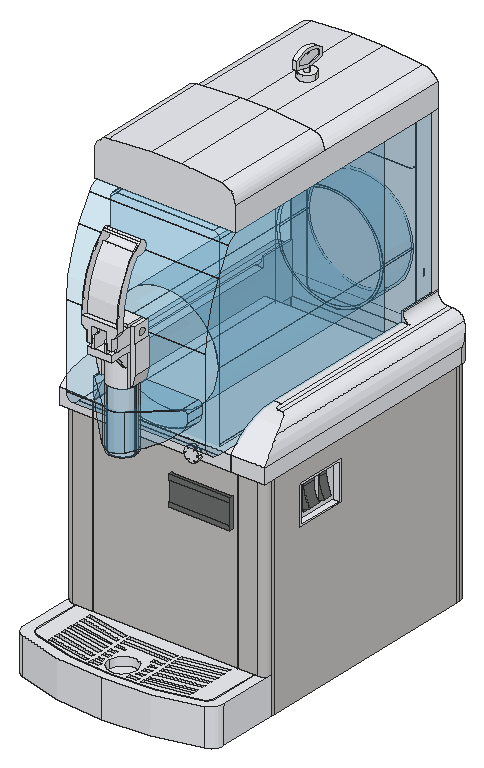
Revit family "QF_ELECTROLUXPROFESSIONAL_560104_SP1NewUVUK", category Specialty Equipment, Revit 2018 (continued)
Lines and regions (mm)
  Split face 68
    outline origin (-128, -90, 0) x (0, -1, 0) y (0, 0, -1)
      loop
        line (-30.859, -262.213) -> (-104.859, -262.213) -> (-100.359, -270.213) -> (-35.359, -270.213) -> (-30.859, -262.213)
  Split face 69
    outline origin (-128, -90, 0) x (0, -1, 0) y (0, 0, -1)
      loop
        line (-30.859, -252.213) -> (-104.859, -252.213) -> (-100.359, -260.213) -> (-35.359, -260.213) -> (-30.859, -252.213)
  Split face 70
    outline origin (-128, -90, 0) x (0, -1, 0) y (0, 0, -1)
      loop
        line (-30.859, -242.213) -> (-104.859, -242.213) -> (-100.359, -250.213) -> (-35.359, -250.213) -> (-30.859, -242.213)
  Split face 71
    outline origin (-128, -90, -20) x (0, -1, 0) y (0, 0, -1)
      loop
        line (-30.859, -252.213) -> (-104.859, -252.213) -> (-100.359, -260.213) -> (-35.359, -260.213) -> (-30.859, -252.213)
  Split face 72
    outline origin (-128, -90, -20) x (0, -1, 0) y (0, 0, -1)
      loop
        line (-30.859, -242.213) -> (-104.859, -242.213) -> (-100.359, -250.213) -> (-35.359, -250.213) -> (-30.859, -242.213)
  Split face 73
    outline origin (-128, -90, -40) x (0, -1, 0) y (0, 0, -1)
      loop
        line (-30.859, -252.213) -> (-104.859, -252.213) -> (-100.359, -260.213) -> (-35.359, -260.213) -> (-30.859, -252.213)
  Split face 74
    outline origin (-128, -90, -40) x (0, -1, 0) y (0, 0, -1)
      loop
        line (-30.859, -242.213) -> (-104.859, -242.213) -> (-100.359, -250.213) -> (-35.359, -250.213) -> (-30.859, -242.213)
  Split face 75
    outline origin (-128, -90, -60) x (0, -1, 0) y (0, 0, -1)
      loop
        line (-30.859, -252.213) -> (-104.859, -252.213) -> (-100.359, -260.213) -> (-35.359, -260.213) -> (-30.859, -252.213)
  Split face 76
    outline origin (-128, -90, -60) x (0, -1, 0) y (0, 0, -1)
      loop
        line (-30.859, -242.213) -> (-104.859, -242.213) -> (-100.359, -250.213) -> (-35.359, -250.213) -> (-30.859, -242.213)
  Split face 77
    outline origin (-128, -90, -80) x (0, -1, 0) y (0, 0, -1)
      loop
        line (-30.859, -252.213) -> (-104.859, -252.213) -> (-100.359, -260.213) -> (-35.359, -260.213) -> (-30.859, -252.213)
  Split face 78
    outline origin (-128, -90, -80) x (0, -1, 0) y (0, 0, -1)
      loop
        line (-30.859, -242.213) -> (-104.859, -242.213) -> (-100.359, -250.213) -> (-35.359, -250.213) -> (-30.859, -242.213)
  Split face 79
    outline origin (-128, -90, -100) x (0, -1, 0) y (0, 0, -1)
      loop
        line (-30.859, -252.213) -> (-104.859, -252.213) -> (-100.359, -260.213) -> (-35.359, -260.213) -> (-30.859, -252.213)
  Split face 80
    outline origin (-128, -90, -100) x (0, -1, 0) y (0, 0, -1)
      loop
        line (-30.859, -242.213) -> (-104.859, -242.213) -> (-100.359, -250.213) -> (-35.359, -250.213) -> (-30.859, -242.213)
  Split face 81
    outline origin (-128, -90, -120) x (0, -1, 0) y (0, 0, -1)
      loop
        line (-30.859, -252.213) -> (-104.859, -252.213) -> (-100.359, -260.213) -> (-35.359, -260.213) -> (-30.859, -252.213)
  Split face 82
    outline origin (-128, -90, -120) x (0, -1, 0) y (0, 0, -1)
      loop
        line (-30.859, -242.213) -> (-104.859, -242.213) -> (-100.359, -250.213) -> (-35.359, -250.213) -> (-30.859, -242.213)
  Split face 83
    outline origin (-128, -90, -140) x (0, -1, 0) y (0, 0, -1)
      loop
        line (-30.859, -252.213) -> (-104.859, -252.213) -> (-100.359, -260.213) -> (-35.359, -260.213) -> (-30.859, -252.213)
  Split face 84
    outline origin (-128, -90, -140) x (0, -1, 0) y (0, 0, -1)
      loop
        line (-30.859, -242.213) -> (-104.859, -242.213) -> (-100.359, -250.213) -> (-35.359, -250.213) -> (-30.859, -242.213)
  Split face 85
    outline origin (-128, -90, -160) x (0, -1, 0) y (0, 0, -1)
      loop
        line (-30.859, -252.213) -> (-104.859, -252.213) -> (-100.359, -260.213) -> (-35.359, -260.213) -> (-30.859, -252.213)
  Split face 86
    outline origin (-128, -90, -160) x (0, -1, 0) y (0, 0, -1)
      loop
        line (-30.859, -242.213) -> (-104.859, -242.213) -> (-100.359, -250.213) -> (-35.359, -250.213) -> (-30.859, -242.213)
  Split face 87
    outline origin (-128, -90, -180) x (0, -1, 0) y (0, 0, -1)
      loop
        line (-30.859, -252.213) -> (-104.859, -252.213) -> (-100.359, -260.213) -> (-35.359, -260.213) -> (-30.859, -252.213)
  Split face 88
    outline origin (-128, -90, -180) x (0, -1, 0) y (0, 0, -1)
      loop
        line (-30.859, -242.213) -> (-104.859, -242.213) -> (-100.359, -250.213) -> (-35.359, -250.213) -> (-30.859, -242.213)
  Split face 89
    outline origin (-128, -90, -200) x (0, -1, 0) y (0, 0, -1)
      loop
        line (-30.859, -252.213) -> (-104.859, -252.213) -> (-100.359, -260.213) -> (-35.359, -260.213) -> (-30.859, -252.213)
  Split face 90
    outline origin (-128, -90, -200) x (0, -1, 0) y (0, 0, -1)
      loop
        line (-30.859, -242.213) -> (-104.859, -242.213) -> (-100.359, -250.213) -> (-35.359, -250.213) -> (-30.859, -242.213)
  Split face 91
    outline origin (-89.958, 209.321, 14) x (1, 0, 0) y (0, 0, -1)
      loop
        line (19.909, -204.404) -> (29.909, -204.404) -> (29.909, -141.98) -> (19.909, -141.98) -> (19.909, -204.404)
  Split face 92
    outline origin (-76.909, 209.321, 14) x (1, 0, 0) y (0, 0, -1)
      loop
        line (19.909, -204.404) -> (29.909, -204.404) -> (29.909, -141.98) -> (19.909, -141.98) -> (19.909, -204.404)
  Split face 93
    outline origin (-63.909, 209.321, 14) x (1, 0, 0) y (0, 0, -1)
      loop
        line (19.909, -204.404) -> (29.909, -204.404) -> (29.909, -141.98) -> (19.909, -141.98) -> (19.909, -204.404)
  Split face 94
    outline origin (-50.909, 209.321, 14) x (1, 0, 0) y (0, 0, -1)
      loop
        line (19.909, -204.404) -> (29.909, -204.404) -> (29.909, -141.98) -> (19.909, -141.98) -> (19.909, -204.404)
  Split face 95
    outline origin (-37.909, 209.321, 14) x (1, 0, 0) y (0, 0, -1)
      loop
        line (19.909, -204.404) -> (29.909, -204.404) -> (29.909, -141.98) -> (19.909, -141.98) -> (19.909, -204.404)
  Split face 96
    outline origin (-24.909, 209.321, 14) x (1, 0, 0) y (0, 0, -1)
      loop
        line (19.909, -204.404) -> (29.909, -204.404) -> (29.909, -141.98) -> (19.909, -141.98) -> (19.909, -204.404)
  Split face 97
    outline origin (89.958, 209.321, 14) x (-1, 0, 0) y (0, 0, 1)
      loop
        line (19.909, 204.404) -> (19.909, 141.98) -> (29.909, 141.98) -> (29.909, 204.404) -> (19.909, 204.404)
  Split face 98
    outline origin (76.909, 209.321, 14) x (-1, 0, 0) y (0, 0, 1)
      loop
        line (19.909, 204.404) -> (19.909, 141.98) -> (29.909, 141.98) -> (29.909, 204.404) -> (19.909, 204.404)
  Split face 99
    outline origin (63.909, 209.321, 14) x (-1, 0, 0) y (0, 0, 1)
      loop
        line (19.909, 204.404) -> (19.909, 141.98) -> (29.909, 141.98) -> (29.909, 204.404) -> (19.909, 204.404)
  Split face 100
    outline origin (50.909, 209.321, 14) x (-1, 0, 0) y (0, 0, 1)
      loop
        line (19.909, 204.404) -> (19.909, 141.98) -> (29.909, 141.98) -> (29.909, 204.404) -> (19.909, 204.404)
  Split face 101
    outline origin (37.909, 209.321, 14) x (-1, 0, 0) y (0, 0, 1)
      loop
        line (19.909, 204.404) -> (19.909, 141.98) -> (29.909, 141.98) -> (29.909, 204.404) -> (19.909, 204.404)
  Split face 102
    outline origin (-89.958, 209.321, -53) x (1, 0, 0) y (0, 0, -1)
      loop
        line (19.909, -204.404) -> (29.909, -204.404) -> (29.909, -141.98) -> (19.909, -141.98) -> (19.909, -204.404)
  Split face 103
    outline origin (-76.909, 209.321, -53) x (1, 0, 0) y (0, 0, -1)
      loop
        line (19.909, -204.404) -> (29.909, -204.404) -> (29.909, -141.98) -> (19.909, -141.98) -> (19.909, -204.404)
  Split face 104
    outline origin (-63.909, 209.321, -53) x (1, 0, 0) y (0, 0, -1)
      loop
        line (19.909, -204.404) -> (29.909, -204.404) -> (29.909, -141.98) -> (19.909, -141.98) -> (19.909, -204.404)
  Split face 105
    outline origin (-50.909, 209.321, -53) x (1, 0, 0) y (0, 0, -1)
      loop
        line (19.909, -204.404) -> (29.909, -204.404) -> (29.909, -141.98) -> (19.909, -141.98) -> (19.909, -204.404)
  Split face 106
    outline origin (-37.909, 209.321, -53) x (1, 0, 0) y (0, 0, -1)
      loop
        line (19.909, -204.404) -> (29.909, -204.404) -> (29.909, -141.98) -> (19.909, -141.98) -> (19.909, -204.404)
  Split face 107
    outline origin (-24.909, 209.321, -53) x (1, 0, 0) y (0, 0, -1)
      loop
        line (19.909, -204.404) -> (29.909, -204.404) -> (29.909, -141.98) -> (19.909, -141.98) -> (19.909, -204.404)
  Split face 108
    outline origin (89.958, 209.321, -53) x (-1, 0, 0) y (0, 0, 1)
      loop
        line (19.909, 204.404) -> (19.909, 141.98) -> (29.909, 141.98) -> (29.909, 204.404) -> (19.909, 204.404)
  Split face 109
    outline origin (76.909, 209.321, -53) x (-1, 0, 0) y (0, 0, 1)
      loop
        line (19.909, 204.404) -> (19.909, 141.98) -> (29.909, 141.98) -> (29.909, 204.404) -> (19.909, 204.404)
  Split face 110
    outline origin (63.909, 209.321, -53) x (-1, 0, 0) y (0, 0, 1)
      loop
        line (19.909, 204.404) -> (19.909, 141.98) -> (29.909, 141.98) -> (29.909, 204.404) -> (19.909, 204.404)
  Split face 111
    outline origin (50.909, 209.321, -53) x (-1, 0, 0) y (0, 0, 1)
      loop
        line (19.909, 204.404) -> (19.909, 141.98) -> (29.909, 141.98) -> (29.909, 204.404) -> (19.909, 204.404)
  Split face 112
    outline origin (37.909, 209.321, -53) x (-1, 0, 0) y (0, 0, 1)
      loop
        line (19.909, 204.404) -> (19.909, 141.98) -> (29.909, 141.98) -> (29.909, 204.404) -> (19.909, 204.404)
  Split face 113
    outline origin (-89.958, 209.321, -120) x (1, 0, 0) y (0, 0, -1)
      loop
        line (19.909, -204.404) -> (29.909, -204.404) -> (29.909, -141.98) -> (19.909, -141.98) -> (19.909, -204.404)
  Split face 114
    outline origin (-76.909, 209.321, -120) x (1, 0, 0) y (0, 0, -1)
      loop
        line (19.909, -204.404) -> (29.909, -204.404) -> (29.909, -141.98) -> (19.909, -141.98) -> (19.909, -204.404)
  Split face 115
    outline origin (-63.909, 209.321, -120) x (1, 0, 0) y (0, 0, -1)
      loop
        line (19.909, -204.404) -> (29.909, -204.404) -> (29.909, -141.98) -> (19.909, -141.98) -> (19.909, -204.404)
  Split face 116
    outline origin (-50.909, 209.321, -120) x (1, 0, 0) y (0, 0, -1)
      loop
        line (19.909, -204.404) -> (29.909, -204.404) -> (29.909, -141.98) -> (19.909, -141.98) -> (19.909, -204.404)
  Split face 117
    outline origin (-37.909, 209.321, -120) x (1, 0, 0) y (0, 0, -1)
      loop
        line (19.909, -204.404) -> (29.909, -204.404) -> (29.909, -141.98) -> (19.909, -141.98) -> (19.909, -204.404)
  Split face 118
    outline origin (-24.909, 209.321, -120) x (1, 0, 0) y (0, 0, -1)
      loop
        line (19.909, -204.404) -> (29.909, -204.404) -> (29.909, -141.98) -> (19.909, -141.98) -> (19.909, -204.404)
  Split face 119
    outline origin (89.958, 209.321, -120) x (-1, 0, 0) y (0, 0, 1)
      loop
        line (19.909, 204.404) -> (19.909, 141.98) -> (29.909, 141.98) -> (29.909, 204.404) -> (19.909, 204.404)
  Split face 120
    outline origin (76.909, 209.321, -120) x (-1, 0, 0) y (0, 0, 1)
      loop
        line (19.909, 204.404) -> (19.909, 141.98) -> (29.909, 141.98) -> (29.909, 204.404) -> (19.909, 204.404)
  Split face 121
    outline origin (63.909, 209.321, -120) x (-1, 0, 0) y (0, 0, 1)
      loop
        line (19.909, 204.404) -> (19.909, 141.98) -> (29.909, 141.98) -> (29.909, 204.404) -> (19.909, 204.404)
  Split face 122
    outline origin (50.909, 209.321, -120) x (-1, 0, 0) y (0, 0, 1)
      loop
        line (19.909, 204.404) -> (19.909, 141.98) -> (29.909, 141.98) -> (29.909, 204.404) -> (19.909, 204.404)
  Split face 123
    outline origin (37.909, 209.321, -120) x (-1, 0, 0) y (0, 0, 1)
      loop
        line (19.909, 204.404) -> (19.909, 141.98) -> (29.909, 141.98) -> (29.909, 204.404) -> (19.909, 204.404)
  symbolic lines
    curve 1: arc (-116.528, -193.147, 14) -> (-69.509, -206.233, 14) -> (-21.031, -211.892, 14) r 314.7
    curve 2: arc (-128, -176.764, 14) -> (-124.847, -186.764, 14) -> (-116.528, -193.147, 14) r 17.434
    curve 3: line (-128, -108.594, 14) -> (-128, -176.764, 14)
    curve 4: line (-114, -115.977, 14) -> (-114, -172.813, 14)
    curve 5: arc (-114, -172.813, 14) -> (-111.75, -179.808, 14) -> (-105.843, -184.18, 14) r 12
    curve 6: arc (-105.843, -184.18, 14) -> (-64.978, -194.885, 14) -> (-23.02, -199.796, 14) r 302.7
    curve 7: arc (23.02, -199.796, 14) -> (64.978, -194.885, 14) -> (105.843, -184.18, 14) r 302.7
    curve 8: arc (105.843, -184.18, 14) -> (111.75, -179.808, 14) -> (114, -172.813, 14) r 12
    curve 9: line (114, -172.813, 14) -> (114, -115.977, 14)
    curve 10: arc (116.528, -193.147, 14) -> (124.847, -186.764, 14) -> (128, -176.764, 14) r 17.434
    curve 11: line (128, -176.764, 14) -> (128, -108.495, 14)
    curve 12: arc (-90.277, -183.786, 14) -> (-62.925, -190.182, 14) -> (-35.093, -193.971, 14) r 297.7
    curve 13: line (-35.093, -193.971, 14) -> (-35.093, -188.951, 14)
    curve 14: arc (-35.093, -188.951, 14) -> (-62.934, -185.094, 14) -> (-90.277, -178.584, 14) r 292.7
    curve 15: line (-90.277, -178.584, 14) -> (-90.277, -183.786, 14)
    curve 16: arc (-90.277, -173.786, 14) -> (-62.925, -180.182, 14) -> (-35.093, -183.971, 14) r 297.7
    curve 17: arc (-35.093, -178.951, 14) -> (-62.934, -175.094, 14) -> (-90.277, -168.584, 14) r 292.7
    curve 18: line (-90.277, -168.584, 14) -> (-90.277, -173.786, 14)
    curve 19: line (-35.093, -183.971, 14) -> (-35.093, -178.951, 14)
    curve 20: arc (-90.277, -163.786, 14) -> (-65.353, -169.723, 14) -> (-40.011, -173.495, 14) r 297.7
    curve 21: arc (-45.705, -167.802, 14) -> (-68.17, -164.061, 14) -> (-90.277, -158.584, 14) r 292.7
    curve 22: line (-90.277, -158.584, 14) -> (-90.277, -163.786, 14)
    curve 23: arc (-90.277, -153.786, 14) -> (-70.995, -158.577, 14) -> (-51.436, -162.07, 14) r 297.7
    curve 24: arc (-57.452, -156.07, 14) -> (-65.27, -154.645, 14) -> (-73.045, -153.009, 14) r 292.7
    curve 25: line (-90.277, -148.584, 14) -> (-90.277, -153.786, 14)
    curve 26: arc (-90.277, -143.786, 14) -> (-86.66, -144.789, 14) -> (-83.031, -145.747, 14) r 297.7
    curve 27: arc (-83.031, -140.581, 14) -> (-86.66, -139.606, 14) -> (-90.277, -138.584, 14) r 292.7
    curve 28: line (-90.277, -138.584, 14) -> (-90.277, -143.786, 14)
    curve 29: arc (-90.277, -133.786, 14) -> (-86.66, -134.789, 14) -> (-83.031, -135.747, 14) r 297.7
    curve 30: arc (-83.031, -130.581, 14) -> (-86.66, -129.606, 14) -> (-90.277, -128.584, 14) r 292.7
    curve 31: line (-90.277, -128.584, 14) -> (-90.277, -133.786, 14)
    curve 32: arc (-30.3, -184.288, 14) -> (-29.707, -184.315, 14) -> (-29.113, -184.342, 14) r 649.216
    curve 33: line (-30.3, -183.206, 14) -> (-30.3, -184.288, 14)
    curve 34: arc (-23.968, -189.549, 14) -> (-27.134, -189.423, 14) -> (-30.3, -189.282, 14) r 644.216
    curve 35: line (-30.3, -189.282, 14) -> (-30.3, -194.288, 14)
    curve 36: arc (-30.3, -194.288, 14) -> (-26.66, -194.447, 14) -> (-23.02, -194.587, 14) r 649.216
    curve 37: arc (90.277, -183.786, 14) -> (62.925, -190.182, 14) -> (35.093, -193.971, 14) r 297.7
    curve 38: line (35.093, -193.971, 14) -> (35.093, -188.951, 14)
    curve 39: arc (35.093, -188.951, 14) -> (62.934, -185.094, 14) -> (90.277, -178.584, 14) r 292.7
    curve 40: line (90.277, -178.584, 14) -> (90.277, -183.786, 14)
    curve 41: arc (90.277, -173.786, 14) -> (62.925, -180.182, 14) -> (35.093, -183.971, 14) r 297.7
    curve 42: arc (35.093, -178.951, 14) -> (62.934, -175.094, 14) -> (90.277, -168.584, 14) r 292.7
    curve 43: line (90.277, -168.584, 14) -> (90.277, -173.786, 14)
    curve 44: line (35.093, -183.971, 14) -> (35.093, -178.951, 14)
    curve 45: arc (90.277, -163.786, 14) -> (65.32, -169.73, 14) -> (39.943, -173.502, 14) r 297.7
    curve 46: arc (45.634, -167.811, 14) -> (68.136, -164.068, 14) -> (90.277, -158.584, 14) r 292.7
    curve 47: line (90.277, -158.584, 14) -> (90.277, -163.786, 14)
    curve 48: arc (90.277, -153.786, 14) -> (70.959, -158.584, 14) -> (51.364, -162.081, 14) r 297.7
    curve 49: arc (57.36, -156.085, 14) -> (65.223, -154.654, 14) -> (73.045, -153.009, 14) r 292.7
    curve 50: line (90.277, -148.584, 14) -> (90.277, -153.786, 14)
    curve 51: arc (90.277, -143.786, 14) -> (85.368, -145.136, 14) -> (80.436, -146.402, 14) r 297.7
    curve 52: arc (80.436, -141.248, 14) -> (85.368, -139.959, 14) -> (90.277, -138.584, 14) r 292.7
    curve 53: line (90.277, -138.584, 14) -> (90.277, -143.786, 14)
    curve 54: arc (90.277, -133.786, 14) -> (85.368, -135.136, 14) -> (80.436, -136.402, 14) r 297.7
    curve 55: arc (80.436, -131.248, 14) -> (85.368, -129.959, 14) -> (90.277, -128.584, 14) r 292.7
    curve 56: line (90.277, -128.584, 14) -> (90.277, -133.786, 14)
    curve 57: arc (30.3, -184.288, 14) -> (29.689, -184.316, 14) -> (29.077, -184.344, 14) r 649.216
    curve 58: line (30.3, -183.145, 14) -> (30.3, -184.288, 14)
    curve 59: arc (23.877, -189.552, 14) -> (27.089, -189.425, 14) -> (30.3, -189.282, 14) r 644.216
    curve 60: line (30.3, -189.282, 14) -> (30.3, -194.288, 14)
    curve 61: arc (30.3, -194.288, 14) -> (26.66, -194.447, 14) -> (23.02, -194.587, 14) r 649.216
    curve 62: line (-90.031, 212, 14) -> (-90.031, -113.009, 14)
    curve 64: arc (-90.031, 30.512, 14) -> (-84.173, 16.37, 14) -> (-70.031, 10.512, 14) r 20
    curve 65: arc (89.969, 30.512, 14) -> (84.111, 16.37, 14) -> (69.969, 10.512, 14) r 20
    curve 66: line (89.969, 30.512, 14) -> (89.969, -113.009, 14)
    curve 67: line (-3, 135.359, 14) -> (3, 135.359, 14)
    curve 68: line (-3, 96.233, 14) -> (-3, 135.359, 14)
    curve 69: line (3, 96.233, 14) -> (-3, 96.233, 14)
    curve 70: line (3, 135.359, 14) -> (3, 96.233, 14)
    curve 71: arc (-3, 105.213, 14) -> (-11, 115.796, 14) -> (-3, 126.379, 14) r 11
    curve 72: arc (3, 126.379, 14) -> (11, 115.796, 14) -> (3, 105.213, 14) r 11
    curve 73: arc (-90.031, -93.009, 14) -> (-82.737, -87.583, 14) -> (-73.891, -85.483, 14) r 22.513
    curve 74: arc (89.969, -93.009, 14) -> (82.675, -87.583, 14) -> (73.83, -85.483, 14) r 22.513
    curve 75: arc (-73.891, -85.483, 14) -> (-0.031, -83.009, 14) -> (73.83, -85.483, 14) r 1103.745
    curve 76: line (-0.031, -113.009, 14) -> (-0.031, -171, 14)
    curve 77: line (-83.031, -113.009, 14) -> (-83.031, -153.009, 14)
    curve 78: line (80.436, -113.009, 14) -> (80.436, -153.009, 14)
    curve 79: line (80.436, -153.009, 14) -> (-83.031, -153.009, 14)
    curve 80: line (55.436, -153.009, 14) -> (20.969, -187.476, 14)
    curve 81: line (-21.031, -216, 14) -> (20.969, -216, 14)
    curve 82: line (20.969, -216, 14) -> (20.969, -171, 14)
    curve 83: line (20.969, -171, 14) -> (-21.031, -171, 14)
    curve 84: line (15.969, -216, 14) -> (15.969, -181, 14)
    curve 85: line (15.969, -181, 14) -> (-15.031, -181, 14)
    curve 86: line (-15.031, -196, 14) -> (15.969, -196, 14)
    curve 87: line (60.436, -153.009, 14) -> (20.969, -192.476, 14)
    curve 88: line (-55.497, -153.009, 14) -> (-21.031, -187.476, 14)
    curve 89: line (-60.497, -153.009, 14) -> (-21.031, -192.476, 14)
    curve 90: line (-21.031, -216, 14) -> (-21.031, -171, 14)
    curve 91: line (-15.031, -216, 14) -> (-15.031, -181, 14)
    curve 95: arc (-111.031, -118.009, 14) -> (-125.173, -112.151, 14) -> (-131.031, -98.009, 14) r 20
    curve 96: line (-111.531, 212, 14) -> (-111.531, -50.009, 14)
    curve 97: line (-111.531, -50.009, 14) -> (-128.531, -50.009, 14)
    curve 98: line (-128.531, -50.009, 14) -> (-128.531, 206.68, 14)
    curve 99: arc (-118.054, 212, 14) -> (-127.23, 208.199, 14) -> (-131.031, 199.023, 14) r 12.977
    curve 100: line (-111.531, -50.009, 14) -> (-111.531, -67.785, 14)
    curve 101: arc (-111.531, -67.785, 14) -> (-113.43, -92.343, 14) -> (-119.082, -116.317, 14) r 159.732
    curve 102: line (-128.531, -50.009, 14) -> (-131.031, -67.798, 14)
    curve 103: line (-90.031, 157, 14) -> (-105.031, 157, 14)
    curve 104: line (-105.031, 157, 14) -> (-105.031, -88.009, 14)
    curve 105: arc (-105.031, -88.009, 14) -> (-103.566, -99.132, 14) -> (-99.273, -109.498, 14) r 42.977
    curve 106: line (-99.273, -109.498, 14) -> (-90.031, -109.498, 14)
    curve 110: arc (110.969, -118.009, 14) -> (125.111, -112.151, 14) -> (130.969, -98.009, 14) r 20
    curve 111: line (111.469, 212, 14) -> (111.469, -50.009, 14)
    curve 112: line (111.469, -50.009, 14) -> (128.469, -50.009, 14)
    curve 113: line (128.469, -50.009, 14) -> (128.469, 206.68, 14)
    curve 114: arc (117.992, 212, 14) -> (127.168, 208.199, 14) -> (130.969, 199.023, 14) r 12.977
    curve 115: line (111.469, -50.009, 14) -> (111.469, -67.785, 14)
    curve 116: arc (111.469, -67.785, 14) -> (113.368, -92.343, 14) -> (119.021, -116.317, 14) r 159.732
    curve 117: line (128.469, -50.009, 14) -> (130.969, -67.798, 14)
    curve 118: line (89.969, 157, 14) -> (104.969, 157, 14)
    curve 119: line (104.969, 157, 14) -> (104.969, -88.009, 14)
    curve 120: arc (104.969, -88.009, 14) -> (103.505, -99.132, 14) -> (99.211, -109.498, 14) r 42.977
    curve 121: line (99.211, -109.498, 14) -> (89.969, -109.498, 14)
    curve 125: arc (-83.031, -150.581, 14) -> (-86.66, -149.606, 14) -> (-90.277, -148.584, 14) r 292.7
    curve 126: arc (-90.277, -123.786, 14) -> (-86.668, -124.787, 14) -> (-83.046, -125.743, 14) r 297.7
    curve 127: line (-90.277, -118.584, 14) -> (-90.277, -123.786, 14)
    curve 128: arc (-83.043, -120.578, 14) -> (-86.666, -119.604, 14) -> (-90.277, -118.584, 14) r 292.7
    curve 129: arc (20.969, -211.894, 14) -> (69.478, -206.239, 14) -> (116.528, -193.147, 14) r 314.7
    curve 130: arc (80.436, -151.248, 14) -> (85.368, -149.959, 14) -> (90.277, -148.584, 14) r 292.7
    curve 131: arc (90.277, -118.584, 14) -> (85.368, -119.959, 14) -> (80.436, -121.248, 14) r 292.7
    curve 132: line (90.277, -123.786, 14) -> (90.277, -118.584, 14)
    curve 133: arc (80.436, -126.402, 14) -> (85.368, -125.136, 14) -> (90.277, -123.786, 14) r 297.7
  symbolic lines, style "SpecialityEquipment"
    curve 63: line (-70.031, 10.512, 14) -> (69.969, 10.512, 14)
    curve 92: line (117.992, 212, 14) -> (-118.054, 212, 14)
    curve 93: line (89.969, 212, 14) -> (89.969, 30.512, 14)
    curve 94: line (89.969, -113.009, 14) -> (-90.031, -113.009, 14)
    curve 107: line (-131.031, 199.023, 14) -> (-131.031, -98.009, 14)
    curve 108: line (-90.031, -113.009, 14) -> (-90.031, -118.009, 14)
    curve 109: line (-90.031, -118.009, 14) -> (-111.031, -118.009, 14)
    curve 122: line (130.969, 199.023, 14) -> (130.969, -98.009, 14)
    curve 123: line (89.969, -113.009, 14) -> (89.969, -118.009, 14)
    curve 124: line (89.969, -118.009, 14) -> (110.969, -118.009, 14)
Dimensions and locks
  plane 4 "FEET" to level = 14 mm
  plane 6 "LEFT" to plane 3 "Center (Left/Right)" to plane 7 "RIGHT" = 131 mm, 131 mm
  plane 5 "BACK" to plane 1 "Center (Front/Back)" = 212 mm
  plane 6 "LEFT" to plane 7 "RIGHT" = 262 mm
  plane 5 "BACK" to plane 8 = 43 mm
  plane 8 to plane 11 = 250 mm
  plane 14 "TOP" to level = 640 mm
  plane 15 "FRONT" to plane 5 "BACK" = 428 mm
  plane 5 "BACK" to plane 15 "FRONT" = 428 mm
  Extrusion 63 to Extrusion 62 = 606 mm
  Extrusion 62 to Extrusion 63 = 613 mm
  cut or joined group of Extrusion 44, Extrusion 65 to cut or joined group of Extrusion 44, Extrusion 65 = 180.056 mm
  aligned and locked: level to plane 2 "BASE"
Connectors
  electrical at (69, -56, 4)
    settings: on Extrusion 30, index 1, voltage 0 V, apparent load 0 VA, apparent load phase1 0 VA, apparent load phase2 0 VA, apparent load phase3 0 VA, power factor 1, load classification "Other", number of poles 1, system type 30, power factor state 1, is connector primary yes, connector utility no, sub classification motor no, connector description "Electrical connection"
